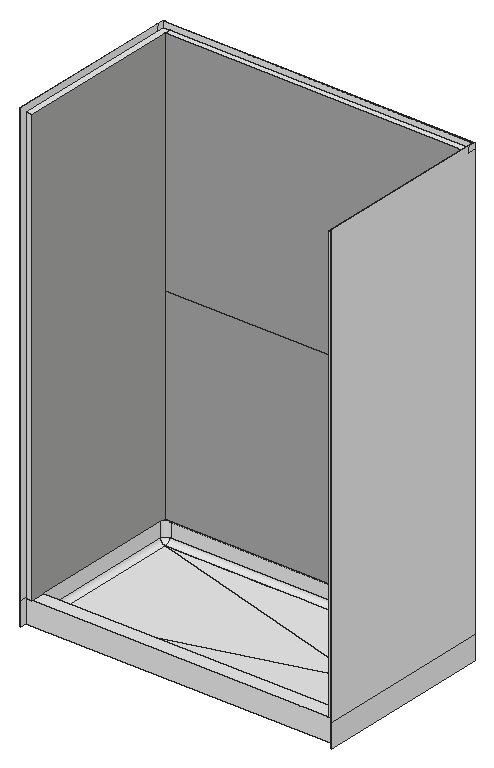
Revit family "5LBS5430FB.V2 L-R", category Plumbing Fixtures, Revit 2019
Family settings
  Round Connector Dimension = Use Diameter
  Part Type = Normal
  OmniClass Number = 23.45.05.14.17
  OmniClass Title = Showers
  Work Plane-Based = No
  Always vertical = Yes
  Cut with Voids When Loaded = No
  Shared = No
  Room Calculation Point = No
Parameters (values of type "5LBS5430FB.V2 L/R")
  Unit Width = 54"
  Unit Height = 80 1/2"
  Unit Depth = 31"
  URL = "http://www.bestbath.com/"
  Type Comments = "Remodeler"
  Model = "5LBS5430FB.V2 L/R"
  Material [instance] = Best Bath Gelcoat Fiberglass - Smooth
  Manufacturer = "Best Bath Systems"
  Keynote = "22 40 00.B3"
  Description = "4 x 8 Subway Tile Finish"
  Assembly Code = "D2010710"
Reference planes (in)
  plane 1 "Back": y = -0.5
  plane 2: z = 0
  plane 3 "Left": x = 0
  plane 4: x = 54
  plane 5: y = -30.5
  plane 6: z = 79.5
  plane 7: z = 0.625
  plane 8: z = 80.5
  plane 9: x = 45.5
  plane 10: y = -1.75
  plane 11: y = -14.5
  plane 12: z = 0.25
  plane 13: z = 4
  plane 14: y = -31.5
  plane 15: z = 39.5
Forms (in)
  Extrusion 1, solid, material "Best Bath Gelcoat Fiberglass - Smooth"
    sketch origin (0, 0, 0) x (1, 0, 0) y (0, 1, 0)
      loop
        line (0, -0.5) -> (0, -30.5) -> (54, -30.5) -> (54, -0.5) -> (0, -0.5)
      loop
        circle (45.5, -14.5) r 2.0625
    from 0 to 0.625
  Extrusion 2, solid, material "Best Bath Gelcoat Fiberglass - Smooth"
    sketch origin (0, 0, 0) x (1, 0, 0) y (0, 1, 0)
      loop
        line (1.25, -0.5) -> (1.25, -1.75) -> (52.75, -1.75) -> (52.75, -0.5) -> (1.25, -0.5)
    from 39.5 to 79.5
  Extrusion 3, solid, material "Best Bath Gelcoat Fiberglass - Smooth"
    sketch origin (0, 0, 0) x (1, 0, 0) y (0, 1, 0)
      loop
        line (0, -30.5) -> (1.25, -30.5) -> (1.25, -2.75)
        arc (1.25, -2.75) -> (1.54289, -2.04289) -> (2.25, -1.75) r 1
        line (2.25, -1.75) -> (51.75, -1.75)
        arc (51.75, -1.75) -> (52.45711, -2.04289) -> (52.75, -2.75) r 1
        line (52.75, -2.75) -> (52.75, -30.5) -> (54, -30.5) -> (54, -0.5) -> (0, -0.5) -> (0, -30.5)
    from 0 to 4
  Extrusion 4, solid, material "Best Bath Gelcoat Fiberglass - Smooth"
    sketch origin (0, 0, 0) x (1, 0, 0) y (0, 1, 0)
      loop
        line (0, -30.5) -> (1.25, -30.5) -> (1.25, -0.5) -> (0, -0.5) -> (0, -30.5)
      loop
        line (52.75, -30.5) -> (54, -30.5) -> (54, -0.5) -> (52.75, -0.5) -> (52.75, -30.5)
    from 4 to 79.5
  Sweep 5, solid, material "Best Bath Gelcoat Fiberglass - Smooth"
    path origin (0, 0, 0) x (1, 0, 0) y (0, 1, 0)
      loop
        line (1.25, -30.5) -> (1.25, -2.75)
        arc (1.25, -2.75) -> (1.54289, -2.04289) -> (2.25, -1.75) r 1
        line (2.25, -1.75) -> (51.75, -1.75)
        arc (51.75, -1.75) -> (52.45711, -2.04289) -> (52.75, -2.75) r 1
        line (52.75, -2.75) -> (52.75, -30.5)
    profile origin (1.25, -16.625, 0) x (-1, 0, 0) y (0, 0, 1)
      loop
        line (0, 0.625) -> (0, 1.525)
        arc (0, 1.525) -> (-0.2636, 0.8886) -> (-0.9, 0.625) r 0.9
        line (-0.9, 0.625) -> (0, 0.625)
  Blend 6, void
    base sketch origin (0, 0, 0) x (1, 0, 0) y (0, 1, 0)
      loop
        line (2.25, -27.5) -> (51.75, -27.5) -> (51.75, -2.75) -> (2.25, -2.75) -> (2.25, -27.5)
    top sketch origin (0, 0, 0) x (1, 0, 0) y (0, 1, 0)
      loop
        circle (45.5, -14.5) r 0.05278
    from 0.625 to 0.25
  Sweep 7, solid, material "Best Bath Gelcoat Fiberglass - Smooth"
    path origin (0, 0, 0) x (1, 0, 0) y (0, 1, 0)
      loop
        line (1.25, -30.5) -> (52.75, -30.5)
    profile origin (27, -30.5, 0) x (0, 1, 0) y (0, 0, 1)
      loop
        line (0, 0) -> (3.11628, 0) -> (2.37209, 4) -> (0, 4) -> (0, 0)
  Extrusion 8, solid, material "Best Bath Gelcoat Fiberglass - Smooth"
    sketch origin (0, 0, 0) x (1, 0, 0) y (0, 1, 0)
      loop
        line (0, -30.5) -> (0, -31.5) -> (0.125, -31.5) -> (0.125, -30.5) -> (0, -30.5)
      loop
        line (54, -30.5) -> (53.875, -30.5) -> (53.875, -31.5) -> (54, -31.5) -> (54, -30.5)
    from 0 to 4
  Extrusion 9, solid, material "Best Bath Gelcoat Fiberglass - Smooth"
    sketch origin (0, 0, 0) x (1, 0, 0) y (0, 1, 0)
      loop
        line (0, -0.5) -> (0, -1.75) -> (0.125, -1.75) -> (0.125, -0.625) -> (53.875, -0.625) -> (53.875, -1.75) -> (54, -1.75) -> (54, -0.5) -> (0, -0.5)
    from 79.5 to 80.5
  Extrusion 10, solid, material "Best Bath Gelcoat Fiberglass - Smooth"
    sketch origin (0, 0, 0) x (1, 0, 0) y (0, 1, 0)
      loop
        line (0, -31.5) -> (0.125, -31.5) -> (0.125, -1.75) -> (0, -1.75) -> (0, -31.5)
      loop
        line (54, -31.5) -> (54, -1.75) -> (53.875, -1.75) -> (53.875, -31.5) -> (54, -31.5)
    from 4 to 80.5
  Extrusion 11, solid, material "Best Bath Gelcoat Fiberglass - Smooth"
    sketch origin (0, 0, 0) x (1, 0, 0) y (0, 1, 0)
      loop
        line (1.25, -0.5) -> (1.25, -1.75) -> (52.75, -1.75) -> (52.75, -0.5) -> (1.25, -0.5)
    from 4 to 39.5
Cuts and joins
  Blend 6 cuts Extrusion 1
  Blend 6 cuts Extrusion 3
  Blend 6 cuts Sweep 5
  joined: Extrusion 1, Extrusion 3, Sweep 5, Sweep 7, Extrusion 8
  joined: Extrusion 2, Extrusion 9
  joined: Extrusion 4, Extrusion 10
Dimensions and locks (in)
  "Unit Width": plane 3 "Left" to plane 4
  locked: plane 7 to level at 0.625
  locked: plane 8 to plane 6 at 1
  "Unit Height": plane 8 to level
  locked: plane 1 "Back" to plane 11 at 14
  plane 10 to plane 1 "Back" = 1 1/4"
  locked: plane 7 to plane 12 at 0.375
  plane 13 to level = 4"
  locked: plane 5 to plane 14 at 1
  "Unit Depth": plane 14 to plane 1 "Back"
  locked: plane 15 to plane 13 at 35.5
  plane 3 "Left" to plane 9 = 45 1/2"
  plane 9 to plane 4 = 8 1/2"
  aligned and locked: level to plane 2
  aligned and locked: Extrusion 1 to plane 7
  aligned and locked: plane 5 to Extrusion 1 sketch curve
  aligned and locked: plane 4 to Extrusion 1 sketch curve
  aligned and locked: Extrusion 2 sketch curve to Extrusion 1
  aligned and locked: Extrusion 2 sketch curve to plane 10
  aligned and locked: plane 11 to Extrusion 1 sketch curve
  aligned and locked: plane 9 to Extrusion 1 sketch curve
  aligned and locked: plane 13 to Extrusion 3
  aligned and locked: plane 6 to Extrusion 2
  aligned and locked: plane 6 to Extrusion 4
  aligned and locked: Sweep 5 sketch curve to plane 7
  aligned and locked: plane 11 to Blend 6 sketch curve
  aligned and locked: plane 9 to Blend 6 sketch curve
  aligned and locked: Extrusion 1 to Blend 6
  aligned and locked: Blend 6 to plane 12
  aligned and locked: Extrusion 9 to plane 6
  aligned and locked: plane 8 to Extrusion 9
  aligned and locked: Extrusion 10 to plane 13
  aligned and locked: plane 8 to Extrusion 10
  aligned and locked: plane 15 to Extrusion 11
  aligned and locked: Extrusion 2 to plane 15
Automatic sketch dimensions
  Extrusion 1 sketch curve to plane 3 "Left" = 0"
  plane 1 "Back" to Extrusion 1 sketch curve = 0"
  plane 1 "Back" to Extrusion 3 sketch curve = 0"
  Extrusion 3 sketch curve to plane 3 "Left" = 0"
  Extrusion 3 sketch curve to plane 5 = 0"  (x2)
  Extrusion 3 sketch curve to plane 10 = 0"
  Extrusion 3 sketch curve to plane 4 = 0"
  plane 4 to Extrusion 3 sketch curve = 1 1/4"
  Extrusion 3 sketch curve to plane 10 = 1"
  plane 3 "Left" to Extrusion 3 sketch curve = 1 1/4"
  Extrusion 3 sketch curve to Extrusion 3 sketch curve = 1"
  Sweep 5 sketch curve to plane 10 = 0"
  plane 3 "Left" to Sweep 5 sketch curve = 1 1/4"
  Sweep 5 sketch curve to plane 10 = 1"  (x2)
  Sweep 5 sketch curve to plane 5 = 0"  (x2)
  plane 4 to Sweep 5 sketch curve = 2 1/4"
  Sweep 5 sketch curve to profile plane = 0"
  profile plane to Sweep 5 sketch curve = 0.9"
  Sweep 7 sketch curve to plane 5 = 0"
  plane 3 "Left" to Sweep 7 sketch curve = 1 1/4"
  plane 4 to Sweep 7 sketch curve = 1 1/4"
  Sweep 7 sketch curve to profile plane = 0"
  level to Sweep 7 sketch curve = 4"
  Sweep 7 sketch curve to profile plane = 3.11628"
  Sweep 7 sketch curve to profile plane = 2.37209"
  level to Sweep 7 sketch curve = 0"
  Blend 6 sketch curve to plane 10 = 1"
  plane 3 "Left" to Blend 6 sketch curve = 2 1/4"
  plane 5 to Blend 6 sketch curve = 3"
  plane 4 to Blend 6 sketch curve = 2 1/4"
  Extrusion 8 sketch curve to plane 3 "Left" = 0"
  Extrusion 8 sketch curve to plane 14 = 0"  (x2)
  Extrusion 8 sketch curve to plane 5 = 0"  (x2)
  Extrusion 8 sketch curve to plane 4 = 0"
  plane 3 "Left" to Extrusion 8 sketch curve = 1/8"
  plane 4 to Extrusion 8 sketch curve = 1/8"
  plane 1 "Back" to Extrusion 4 sketch curve = 0"  (x2)
  Extrusion 4 sketch curve to plane 3 "Left" = 0"
  Extrusion 4 sketch curve to plane 5 = 0"  (x2)
  Extrusion 4 sketch curve to plane 4 = 0"
  plane 3 "Left" to Extrusion 4 sketch curve = 1 1/4"
  plane 4 to Extrusion 4 sketch curve = 1 1/4"
  plane 3 "Left" to Extrusion 2 sketch curve = 1 1/4"
  plane 4 to Extrusion 2 sketch curve = 1 1/4"
  Extrusion 10 sketch curve to plane 3 "Left" = 0"
  Extrusion 10 sketch curve to plane 14 = 0"  (x2)
  Extrusion 10 sketch curve to plane 10 = 0"  (x2)
  Extrusion 10 sketch curve to plane 4 = 0"
  plane 3 "Left" to Extrusion 10 sketch curve = 1/8"
  plane 4 to Extrusion 10 sketch curve = 1/8"
  plane 1 "Back" to Extrusion 9 sketch curve = 0"
  Extrusion 9 sketch curve to plane 3 "Left" = 0"
  Extrusion 9 sketch curve to plane 10 = 0"  (x2)
  Extrusion 9 sketch curve to plane 4 = 0"
  plane 3 "Left" to Extrusion 9 sketch curve = 1/8"
  Extrusion 9 sketch curve to Extrusion 9 sketch curve = 1/8"
  plane 1 "Back" to Extrusion 9 sketch curve = 1/8"
  plane 1 "Back" to Extrusion 11 sketch curve = 0"
  plane 3 "Left" to Extrusion 11 sketch curve = 1 1/4"
  Extrusion 11 sketch curve to plane 10 = 0"
  plane 3 "Left" to Extrusion 11 sketch curve = 52 3/4"
  radius of Extrusion 1 sketch curve = 2 1/16"
  radius of Blend 6 sketch curve = 0.05278"
